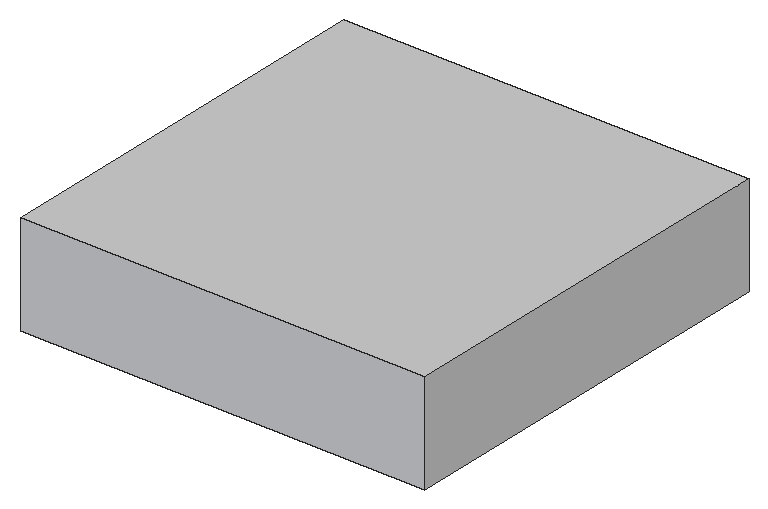
Revit family "PRESTO ARTE-I 2D", category Aparatos sanitarios, Revit 2015
Parameters (values of type "15050")
  URL = "http://www.prestoiberica.com/inodoro/temporizada-arte/presto-arte-i-2d?c=es"
  Teléfono = "(+34) 915 782 575"
  TIPO DE AGUA = "Fria"
  REFERENCIA = "15050"
  Presión Máxima = ""
  PESO BRUTO = "0.651 Kg"
  Modelo = "PRESTO ARTE I 2D"
  Material = LATON CROMADO
  Imagen de tipo = <Ninguno>
  Fabricante = "PRESTO IBÉRICA"
  Default Elevation = 1219.2 mm
  ENTRADA = "Macho 3/4\""
  Descripción = "Fluxor temporizado de fijación sobre muro con cuerpo y embellecedor en latón cromado. Dispositivo antiSifónico incorporado. Pistón intercambiable."
  Código de montaje = "C1030220"
  Contacto = "info@prestoiberica.com"
  Conexión AF = yes
  Conexión AC = yes
  Comentarios de tipo = "Suministrado con tuerca y casquillo para tubo de Ø 28 mm\r\n◦ Con dispositivo antiSifónico que asegura la protección de la red de agua potable contra las eventuales absorciones de agua contaminada\r\n◦ Cabeza intercambiable que comprende todo el mecanismo del fluxor\r\n◦ Apertura por pulsador\r\n◦ Cuerpo del fluxor en latón cromado con piezas interiores en materiales resistentes a la corrosión y a las incrustaciones calcáreas\r\n◦ Nível de ruído categoria II según normativa vigente EN-200\r\n◦ Cabeza compatible con fluxor 1000 C."
  CIERRE = ""
  CAUDAL = "1.2 L/Min"
  Accionamiento = "Por pulsador"
Reference planes
  plane 1 "Centro (Frontal/Posterior)": y = 0
  plane 2: z = 0
  plane 3 "Centro (Izquierda/Derecha)": x = 0
Forms (mm)
  Extrusion 1, solid
    sketch origin (0, 0, 0) x (1, 0, 0) y (0, 1, 0)
      loop
        line (-100, 100) -> (-100, -100) -> (100, -100) -> (100, 100) -> (-100, 100)
    from 0 to -50
Dimensions and locks
  Extrusion 1 sketch curve to plane 1 "Centro (Frontal/Posterior)" = 100 mm
  aligned and locked: plane 2 to Extrusion 1
  aligned and locked: level to Extrusion 1
Connectors
  piping at (0, 0, -5), diameter 19.1
    settings: on import instance, index 1, connector inside diameter 609.6 mm, connector length 0 mm, flow factor 0, pipe flow 0.0 L/s, pressure drop 0.0 Pa, fitting loss kfactor 0, connector angle 0.00°, fixture units 0, engagement length 0 mm, angle of deflection 0.00°, flow configuration 0, flow direction 1, fitting loss method 0, system type 20, joint type 0, gender type 0, connector reference index -1, connector utility 0, adjustable connector no, is connector primary yes, connector description ""
